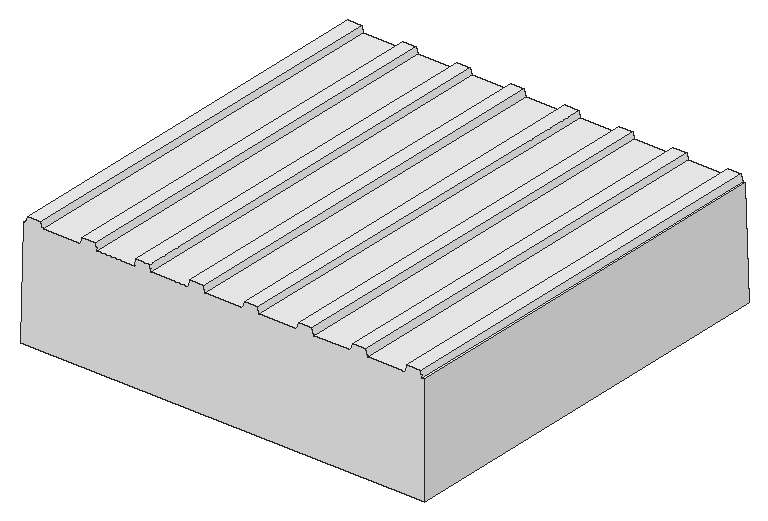
Revit family "Bodenindikator AR 40", category Allgemeines Modell, Revit 2016
Family settings
  Teiletyp = Normal
  Kann Basisbauteil für Bewehrung sein = Nein
  Bemaßung runder Anschluss = Durchmesser verwenden
  Arbeitsebenenbasiert = Nein
  Immer vertikal = Ja
  Beim Laden mit Abzugskörper schneiden = Nein
  Gemeinsam genutzt = Nein
  Raumberechnungspunkt = Nein
Parameters (values of type "AR 40 - 300/300/80,45 Weiß")
  www = "www.Betonsteinwerk-Knapp.de"
  Steindicke = "80.45"
  Rastermaß L/ B in mm = "300/300"
  RIL = "813.02.01"
  R-Wert  nach DIN 51130 = "R12"
  Produzent = "IKM Betonsteinwerk Knapp & Co GmbH, Muggensturm"
  Produktname = "AR 40"
  Produktionsnorm = "DIN V 18500"
  Produktfamilie = "Bodenindikator"
  Oberflächenausbildung = "Trapezprofil"
  Norm = "DIN 32984"
  Materialität = Nr. 470 Weiß
  Material = "Hochleistungsfaserbeton"
  LRV-Wert = "53,06"
  Hersteller = "Kronimus AG, Iffezheim"
  Gewicht/St = "16,6"
  GTIN - Nummer = "4060851016960"
  Frost- und Tausalzwiderstand (CDF) in g/m² im Mittel = "430"
  Fasenausbildung = "Minifase"
  Farbausführung = "Nr. 470 Weiß"
  Email = "Info@Betonsteinwerk-knapp.de"
  Auftrittsfläche = "Rändelstruktur"
  Artikelnummer = "5-303408-470-00"
  80.45 = yes
  64.5 = no
Types (4, lengths in mm): name | Steindicke | R-Wert  nach DIN 51130 | Materialität | LRV-Wert | Hersteller | Gewicht/St | GTIN - Nummer | Frost- und Tausalzwiderstand (CDF) in g/m² im Mittel | Farbausführung | Artikelnummer | 80.45 | 64.5
  AR 40 - 300/300/64,5 Weiß | "64.5" | "R12" | Nr. 470 Weiß | "53,06" | 0 | "12.2" | "4060851016960" | "430" | "Nr. 470 Weiß" | "5-303408-470-00" | no | yes
  AR 40 - 300/300/80,45 Weiß | "80.45" | "R12" | Nr. 470 Weiß | "53,06" | "Kronimus AG, Iffezheim" | "16,6" | "4060851016960" | "430" | "Nr. 470 Weiß" | "5-303408-470-00" | yes | no
  AR 40 - 300/300/80,45 Anthrazit | "" | "R11" | Nr. 469 Anthrazit | "3,97" | "Kronimus AG, Iffezheim" | "16,6" | "4060851016977" | "231" | "Nr. 469 Anthrazit mit Oberflächenvergütung" | "5-303408-469-90" | yes | no
  AR 40 - 300/300/64,5 Anthrazit | "" | "R11" | Nr. 469 Anthrazit | "3,97" | "Kronimus AG, Iffezheim" | "12.2" | "4060851016977" | "231" | "Nr. 469 Anthrazit mit Oberflächenvergütung" | "5-303408-469-90" | no | yes
Reference planes
  plane 1 "Mitte (Vorne/Hinten)": y = 0
  plane 2: z = 0
  plane 3 "Mitte (Links/Rechts)": x = 0
Forms (mm)
  Extrusion 1, solid, material "Nr. 470 Weiß" <- "Materialität", visible <- "80.45", detail levels medium+fine
    sketch origin (0, 0, 0) x (1, 0, 0) y (0, 0, 1)
      loop
        line (-298.62, 0) -> (0, 0) -> (-1.313, 80) -> (-3.31, 80) -> (-4.31, 84.5) -> (-14.31, 84.5) -> (-15.31, 80) -> (-43.31, 80) -> (-44.31, 84.5) -> (-54.31, 84.5) -> (-55.31, 80) -> (-83.31, 80) -> (-84.31, 84.5) -> (-94.31, 84.5) -> (-95.31, 80) -> (-123.31, 80) -> (-124.31, 84.5) -> (-134.31, 84.5) -> (-135.31, 80) -> (-163.31, 80) -> (-164.31, 84.5) -> (-174.31, 84.5) -> (-175.31, 80) -> (-203.31, 80) -> (-204.31, 84.5) -> (-214.31, 84.5) -> (-215.31, 80) -> (-243.31, 80) -> (-244.31, 84.5) -> (-254.31, 84.5) -> (-255.31, 80) -> (-283.31, 80) -> (-284.31, 84.5) -> (-294.31, 84.5) -> (-295.31, 80) -> (-297.307, 80) -> (-298.62, 0)
    from 0 to 298.6
  Extrusion 2, solid, material "Nr. 470 Weiß" <- "Materialität", visible <- "64.5", detail levels medium+fine
    sketch origin (0, 0, 0) x (1, 0, 0) y (0, 0, 1)
      loop
        line (-298.62, 0) -> (0, 0) -> (-0.984, 60) -> (-3.31, 60) -> (-4.31, 64.5) -> (-14.31, 64.5) -> (-15.31, 60) -> (-43.31, 60) -> (-44.31, 64.5) -> (-54.31, 64.5) -> (-55.31, 60) -> (-83.31, 60) -> (-84.31, 64.5) -> (-94.31, 64.5) -> (-95.31, 60) -> (-123.31, 60) -> (-124.31, 64.5) -> (-134.31, 64.5) -> (-135.31, 60) -> (-163.31, 60) -> (-164.31, 64.5) -> (-174.31, 64.5) -> (-175.31, 60) -> (-203.31, 60) -> (-204.31, 64.5) -> (-214.31, 64.5) -> (-215.31, 60) -> (-243.31, 60) -> (-244.31, 64.5) -> (-254.31, 64.5) -> (-255.31, 60) -> (-283.31, 60) -> (-284.31, 64.5) -> (-294.31, 64.5) -> (-295.31, 60) -> (-297.636, 60) -> (-298.62, 0)
    from 0 to 298.6
  Extrusion 3, void
    sketch origin (0, 0, 0) x (0, 1, 0) y (0, 0, 1)
      loop
        line (-297.138, 90) -> (-298.6, 90) -> (-298.6, 0) -> (-297.138, 90)
      loop
        line (-1.463, 90) -> (0, 0) -> (0, 90) -> (-1.463, 90)
    from 0 to -377.752
  Extrusion 4, solid, material "Nr. 470 Weiß" <- "Materialität", visible <- "80.45", detail levels coarse
    sketch origin (0, 0, 0) x (1, 0, 0) y (0, 1, 0)
      loop
        line (0, 0) -> (-298.62, 0) -> (-298.62, -298.6) -> (0, -298.6) -> (0, 0)
    from 0 to 84.5
  Extrusion 5, solid, material "Nr. 470 Weiß" <- "Materialität", visible <- "64.5", detail levels coarse
    sketch origin (0, 0, 0) x (1, 0, 0) y (0, 1, 0)
      loop
        line (0, 0) -> (-298.62, 0) -> (-298.62, -298.6) -> (0, -298.6) -> (0, 0)
    from 0 to 64.5
Cuts and joins
  Extrusion 3 cuts Extrusion 1
  Extrusion 3 cuts Extrusion 2
Dimensions and locks
  level to Extrusion 1 = 84.5 mm
  level to Extrusion 2 = 64.5 mm
  angle Extrusion 2 sketch curve to Extrusion 1 = 89.06°
  angle Extrusion 1 to Extrusion 2 sketch curve = 89.06°
  angle Extrusion 1 sketch curve to Extrusion 1 sketch curve = 89.06°  (x2)
  aligned and locked: level to plane 2
